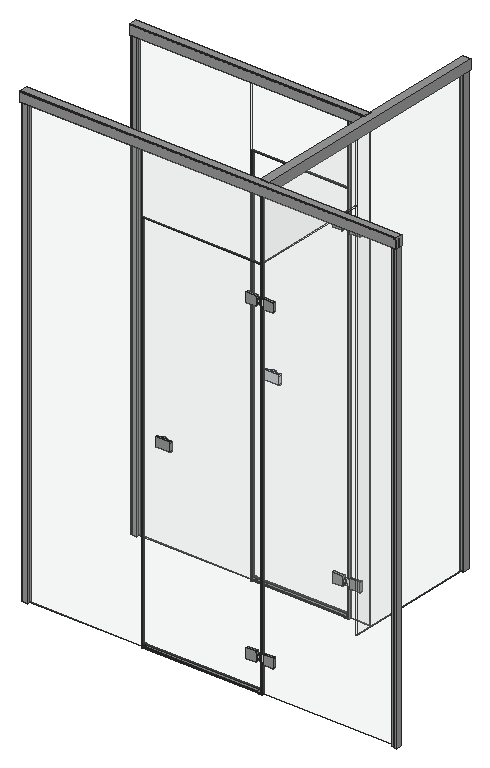
Revit family "Sanitary_Bath-screens_Modular system_Duscholux_SYSTEM210_S21-C2", category Aparatos sanitarios, Revit 2019
Family settings
  Cota de conector redondo = Diámetro de uso
  Tipo de pieza = Normal
  Número OmniClass = 23.45.00.00
  Título OmniClass = Sanitary, Laundry, and Cleaning Equipment
  Se basa en plano de trabajo = No
  Siempre vertical = Sí
  Corte con vacíos al cargar = No
  Compartido = No
  Punto de cálculo de habitación = No
Parameters (values of type "Black Aluminium Finish")
  Width Space 2 = Length perpendicular fixed segment - 100 mm  # 650 mm
  Uper profile guide = Anodized Aluminium_Duscholux Material-Black Finish
  Superior Glass Height = if(Max Doors Height < 2100 mm, 1 mm, (Max Height - 2134 mm))  # 366 mm
  Min Max Oppening door angle 2 = if(Openning door angle 2 < 0.00°, 0.00°, if(Openning door angle 2 > 90.00°, 90.00°, Openning door angle 2))  # 0.00°
  Min Max Length rigth fixed segment = if(Length right fixed segment < 180 mm, 180 mm, if(Length right fixed segment > 1400 mm, 1400 mm, Length right fixed segment))  # 750 mm
  Min Max Length left fixed segments = if(Length left fixed segments < 180 mm, 180 mm, if(Length left fixed segments > 1400 mm, 1400 mm, Length left fixed segments))  # 650 mm
  Min Max Door aperture 1 = if(Door aperture 1 < 400 mm, 400 mm, if(Door aperture 1 > 1000 mm, 1000 mm, Door aperture 1))  # 650 mm
  Min Max Length perpendicular fixed segment = if(Length perpendicular fixed segment < 180 mm, 180 mm, if(Length perpendicular fixed segment > 1400 mm, 1400 mm, Length perpendicular fixed segment))  # 750 mm
  Door apeture 2 = Min Max Door aperture 1 - 125 mm  # 525 mm
  Max Doors Height = if(Max Height > 2154 mm, 2100 mm, (Max Height - 34 mm))  # 2100 mm
  Length right fixed segment = 750 mm
  Length left fixed segments = 650 mm
  Lenght = Min Max Length left fixed segments + Min Max Door aperture 1 + Min Max Length rigth fixed segment  # 2050 mm
  Uniclass 2015 Description = "Shower Enclosures"
  Uniclass 2015 Code = "PR-40-20-06-79"
  URL = "http://www.duscholux.es/"
  UNSPSC Code = "30181507"
  Thickness Glass = 6 mm  # constant formula
  Thickness Fixed Segment = 8 mm  # constant formula
  Technical Inspection Certificate (Applus) = "http://www.duscholux.es/resources/custom/var/APPLUS_en.pdf"
  Series = "SYSTEM 210"
  Ref. = "S21_C2"
  Products = "http://www.duscholux.es/mamparas_filtro.aspx?es"
  Openning door angle 1 = 0.00°
  Openning door angle 2 = 0.00°
  Opening System Image = "https://duscholux.es/resources/custom/img/System21/S21_D.jpg"
  Opening System = "Pivot Door"
  NBS Reference Description = "Shower Enclosures"
  NBS Reference Code = "45-35-70"
  Model = ""
  Max Height = if(Height < 1900 mm, 1900 mm, if(Height > 2500 mm, 2500 mm, Height))  # 2500 mm
  Maintenance and Cleaning = "http://www.duscholux.es/mamparas_limpieza.aspx?en"
  Image = "https://duscholux.es/resources/custom/img/System21/System21%205%20NEGRO%20baja.jpg"
  IFC Classification = "Furnishing Element"
  Height = 2500 mm
  Handle Material = Anodized Aluminium_Duscholux Material-Black Finish
  Handle Height = Max Doors Height / 2  # 1050 mm
  Glass in Building UNE EN 12150 = "CE Conformity marking"
  Glass Material = Glass_Material-Duscholux
  Frame Material = Anodized Aluminium_Duscholux Material-Black Finish
  Length perpendicular fixed segment = 750 mm
  Fact Sheet = "https://duscholux.es/mamparas_system210.aspx?es"
  Fabricante = "Duscholux Ibérica, S.A."
  Environmental Management ISO 14001 = "ECOEMBES Certificate"
  Door aperture 1 = 650 mm
  Descripción = "Modular system with fixed segments + pivot doors at 180º for different types of rooms"
  Código de montaje = "C1030200"
  Configuration enclosure = "http://configuratumampara.duscholux.es/eCatalogo.aspx"
  Components = "Eropean components"
  Type Comments = ""
  Combinations = "Customizable upper guide"
  Certified Quality UNE EN 14428 = "http://www.duscholux.es/duscholux_downloads.aspx?es"
  COBIe Type Category = ""
  Accesories Material = Anodized Aluminium_Duscholux Material-Black Finish
Types (22, lengths in mm): name | Uper profile guide | Handle Material | Frame Material | Accesories Material
  (no name) | Anodized Aluminium_Duscholux Material-Black Finish | Anodized Aluminium_Duscholux Material-Black Finish | Anodized Aluminium_Duscholux Material-Black Finish | Anodized Aluminium_Duscholux Material-Black Finish
  Black Aluminium Finish | Anodized Aluminium_Duscholux Material-Black Finish | Anodized Aluminium_Duscholux Material-Black Finish | Anodized Aluminium_Duscholux Material-Black Finish | Anodized Aluminium_Duscholux Material-Black Finish
  Black Aluminium Finish Superior guide Concrete PanElle | PanElle Concrete_Duscholux Material | Anodized Aluminium_Duscholux Material-Black Finish | Anodized Aluminium_Duscholux Material-Black Finish | Anodized Aluminium_Duscholux Material-Black Finish
  Black Aluminium Finish Superior guide Basalt gray PanElle | PanElle Basalt Gray_Duscholux Material | Anodized Aluminium_Duscholux Material-Black Finish | Anodized Aluminium_Duscholux Material-Black Finish | Anodized Aluminium_Duscholux Material-Black Finish
  Black Aluminium Finish Superior guide Metal gray PanElle | PanElle Metal Gray_Duscholux Material | Anodized Aluminium_Duscholux Material-Black Finish | Anodized Aluminium_Duscholux Material-Black Finish | Anodized Aluminium_Duscholux Material-Black Finish
  Black Aluminium Finish Superior guide White PanElle | PanElle White_Duscholux Material | Anodized Aluminium_Duscholux Material-Black Finish | Anodized Aluminium_Duscholux Material-Black Finish | Anodized Aluminium_Duscholux Material-Black Finish
  Black Aluminium Finish Superior guide Quartz PanElle | PanElle Quartz_DuscholuxMaterial | Anodized Aluminium_Duscholux Material-Black Finish | Anodized Aluminium_Duscholux Material-Black Finish | Anodized Aluminium_Duscholux Material-Black Finish
  Black Aluminium Finish Superior guide Graphite PanElle | PanElle Graphite_DuscholuxMaterial | Anodized Aluminium_Duscholux Material-Black Finish | Anodized Aluminium_Duscholux Material-Black Finish | Anodized Aluminium_Duscholux Material-Black Finish
  Platinum Aluminium Finish | Anodized Aluminium_Duscholux Material-Platinum Finish | Anodized Aluminium_Duscholux Material-Platinum Finish | Anodized Aluminium_Duscholux Material-Platinum Finish | Anodized Aluminium_Duscholux Material-Platinum Finish
  Platinum Aluminium Finish Superior guide Basalt gray PanElle | PanElle Basalt Gray_Duscholux Material | Anodized Aluminium_Duscholux Material-Platinum Finish | Anodized Aluminium_Duscholux Material-Platinum Finish | Anodized Aluminium_Duscholux Material-Platinum Finish
  Platinum Aluminium Finish Superior guide Metal gray PanElle | PanElle Metal Gray_Duscholux Material | Anodized Aluminium_Duscholux Material-Platinum Finish | Anodized Aluminium_Duscholux Material-Platinum Finish | Anodized Aluminium_Duscholux Material-Platinum Finish
  Platinum Aluminium Finish Superior guide Concrete PanElle | PanElle Concrete_Duscholux Material | Anodized Aluminium_Duscholux Material-Platinum Finish | Anodized Aluminium_Duscholux Material-Platinum Finish | Anodized Aluminium_Duscholux Material-Platinum Finish
  Platinum Aluminium Finish Superior guide Graphite PanElle | PanElle Graphite_DuscholuxMaterial | Anodized Aluminium_Duscholux Material-Platinum Finish | Anodized Aluminium_Duscholux Material-Platinum Finish | Anodized Aluminium_Duscholux Material-Platinum Finish
  Platinum Aluminium Finish Superior guide Quartz PanElle | PanElle Quartz_DuscholuxMaterial | Anodized Aluminium_Duscholux Material-Platinum Finish | Anodized Aluminium_Duscholux Material-Platinum Finish | Anodized Aluminium_Duscholux Material-Platinum Finish
  Platinum Aluminium Finish Superior guide White PanElle | PanElle White_Duscholux Material | Anodized Aluminium_Duscholux Material-Platinum Finish | Anodized Aluminium_Duscholux Material-Platinum Finish | Anodized Aluminium_Duscholux Material-Platinum Finish
  Matte Silver Aluminium Finish | Anodized Aluminium_Duscholux Material-Matte Silver Finish | Anodized Aluminium_Duscholux Material-Matte Silver Finish | Anodized Aluminium_Duscholux Material-Matte Silver Finish | Anodized Aluminium_Duscholux Material-Matte Silver Finish
  Matte Silver Aluminium Finish Superior guide Basalt gray PanElle | PanElle Basalt Gray_Duscholux Material | Anodized Aluminium_Duscholux Material-Matte Silver Finish | Anodized Aluminium_Duscholux Material-Matte Silver Finish | Anodized Aluminium_Duscholux Material-Matte Silver Finish
  Matte Silver Aluminium Finish Superior guide Metal gray PanElle | PanElle Metal Gray_Duscholux Material | Anodized Aluminium_Duscholux Material-Matte Silver Finish | Anodized Aluminium_Duscholux Material-Matte Silver Finish | Anodized Aluminium_Duscholux Material-Matte Silver Finish
  Matte Silver Aluminium Finish Superior guide Concrete PanElle | PanElle Concrete_Duscholux Material | Anodized Aluminium_Duscholux Material-Matte Silver Finish | Anodized Aluminium_Duscholux Material-Matte Silver Finish | Anodized Aluminium_Duscholux Material-Matte Silver Finish
  Matte Silver Aluminium Finish Superior guide Graphite PanElle | PanElle Graphite_DuscholuxMaterial | Anodized Aluminium_Duscholux Material-Matte Silver Finish | Anodized Aluminium_Duscholux Material-Matte Silver Finish | Anodized Aluminium_Duscholux Material-Matte Silver Finish
  Matte Silver Aluminium Finish Superior guide Quartz PanElle | PanElle Quartz_DuscholuxMaterial | Anodized Aluminium_Duscholux Material-Matte Silver Finish | Anodized Aluminium_Duscholux Material-Matte Silver Finish | Anodized Aluminium_Duscholux Material-Matte Silver Finish
  Matte Silver Aluminium Finish Superior guide White PanElle | PanElle White_Duscholux Material | Anodized Aluminium_Duscholux Material-Matte Silver Finish | Anodized Aluminium_Duscholux Material-Matte Silver Finish | Anodized Aluminium_Duscholux Material-Matte Silver Finish
Reference planes
  plane 1 "Centro (Frontal/Posterior)": y = 0
  plane 2: z = 0
  plane 3 "Centro (Izquierda/Derecha)": x = 0
  plane 4 "Altura total": z = 2500
  plane 5 "Altura tiradores": z = 1050
  plane 6: x = 4
  plane 7: y = 0
  plane 8 "Espesor puertas": y = 6
  plane 9 "Espesor fijos": y = 8
  plane 10 "Eje cierre puerta 1": x = 650
  plane 11: z = 8
  plane 12 "Altura bisagra inferior": z = 180
  plane 13: x = 1300
  plane 14 "Ancho total": y = 1400
  plane 15 "Inicio guía superior": z = 2446
  plane 16 "Altura vidrios": z = 2466
  plane 17 "Altura puertas": z = 2100
  plane 18 "Altura bisagra superior": z = 1920
  plane 19: y = 3
  plane 20 "Eje inicio puerta 2": x = 1303
  plane 21: y = 650
  plane 22: y = 0
  plane 23 "Longitud total": x = 2050
  plane 24 "eje fijo+puerta 2": y = 750
  plane 25 "eje fijo+puerta 3": x = 650
  plane 26 "eje fijo+puerta 4": y = 746
  plane 27: x = 1175
Forms (mm)
  Extrusion 1, solid, material "Glass_Material-Duscholux" <- "Glass Material"
    sketch origin (0, 0, 0) x (1, 0, 0) y (0, 1, 0)
      loop
        line (6, 8) -> (6, 0) -> (650, 0) -> (650, 8) -> (6, 8)
    from 0 to 2466
  Extrusion 2, solid, material "Glass_Material-Duscholux" <- "Glass Material"
    sketch origin (650, 0, 0) x (1, 0, 0) y (0, 1, 0)
      loop
        line (5.3, 6) -> (5.3, 0) -> (650, 0) -> (650, 6) -> (5.3, 6)
    from 8 to 2100
  Extrusion 3, solid, material "Plástico, transparente"
    sketch origin (1622.583, -171.096, 0) x (-1, 0, 0) y (0, -1, 0)
      loop
        line (316.583, -179.096) -> (311.583, -179.096) -> (311.583, -180.096) -> (316.583, -180.096) -> (321.183, -180.096)
        arc (321.183, -180.096) -> (322.583, -175.096) -> (321.183, -170.096) r 9.629
        line (321.183, -170.096) -> (316.583, -170.096) -> (311.583, -170.096) -> (311.583, -171.096) -> (316.583, -171.096) -> (316.583, -179.096)
      loop
        line (317.583, -170.596) -> (317.583, -179.596) -> (320.927, -179.596)
        arc (320.927, -179.596) -> (322.083, -175.096) -> (320.927, -170.596) r 9.338
        line (320.927, -170.596) -> (317.583, -170.596)
    from 1937.5 to 2446
  Extrusion 4, solid, material "Glass_Material-Duscholux" <- "Glass Material"
    sketch origin (0, 0, 0) x (1, 0, 0) y (0, 1, 0)
      loop
        line (1306, 8) -> (1306, 0) -> (2042.364, 0) -> (2042.364, 8) -> (1306, 8)
    from 0 to 2466
  Extrusion 5, solid, material "Plástico, transparente"
    sketch origin (1622.583, -171.096, 0) x (-1, 0, 0) y (0, -1, 0)
      loop
        line (316.583, -179.096) -> (311.583, -179.096) -> (311.583, -180.096) -> (316.583, -180.096) -> (321.183, -180.096)
        arc (321.183, -180.096) -> (322.583, -175.096) -> (321.183, -170.096) r 9.629
        line (321.183, -170.096) -> (316.583, -170.096) -> (311.583, -170.096) -> (311.583, -171.096) -> (316.583, -171.096) -> (316.583, -179.096)
      loop
        line (317.583, -170.596) -> (317.583, -179.596) -> (320.927, -179.596)
        arc (320.927, -179.596) -> (322.083, -175.096) -> (320.927, -170.596) r 9.338
        line (320.927, -170.596) -> (317.583, -170.596)
    from 197.5 to 1902.5
  Extrusion 6, solid, material "Plástico, transparente"
    sketch origin (1622.583, -171.096, 0) x (-1, 0, 0) y (0, -1, 0)
      loop
        line (316.583, -179.096) -> (311.583, -179.096) -> (311.583, -180.096) -> (316.583, -180.096) -> (321.183, -180.096)
        arc (321.183, -180.096) -> (322.583, -175.096) -> (321.183, -170.096) r 9.629
        line (321.183, -170.096) -> (316.583, -170.096) -> (311.583, -170.096) -> (311.583, -171.096) -> (316.583, -171.096) -> (316.583, -179.096)
      loop
        line (317.583, -170.596) -> (317.583, -179.596) -> (320.927, -179.596)
        arc (320.927, -179.596) -> (322.083, -175.096) -> (320.927, -170.596) r 9.338
        line (320.927, -170.596) -> (317.583, -170.596)
    from 0 to 162.5
  Extrusion 7, solid, material "Anodized Aluminium_Duscholux Material-Black Finish" <- "Accesories Material"
    sketch origin (0, 0, 0) x (0, 1, 0) y (0, 0, 1)
      loop
        line (-17.849, 2500) -> (-17.849, 2498.2) -> (-15.349, 2498.2) -> (-15.349, 2447.8) -> (-17.849, 2447.8) -> (-17.849, 2446) -> (-1.881, 2446) -> (-1.881, 2488.9) -> (9.881, 2488.9) -> (9.881, 2446) -> (23.981, 2446) -> (23.981, 2500) -> (-17.849, 2500)
    from 0 to 2050
  Extrusion 8, solid, material "Anodized Aluminium_Duscholux Material-Black Finish" <- "Uper profile guide"
    sketch origin (0, 0, 0) x (0, 1, 0) y (0, 0, 1)
      loop
        line (-15.546, 2498) -> (-17.946, 2498) -> (-17.946, 2448) -> (-15.546, 2448) -> (-15.546, 2498)
    from 0 to 2050
  Extrusion 9, solid, material "Glass_Material-Duscholux" <- "Glass Material"
    sketch origin (0, 0, 0) x (1, 0, 0) y (0, 1, 0)
      loop
        line (1300, 8) -> (650, 8) -> (650, 0) -> (1300, 0) -> (1300, 8)
    from 2100 to 2466
  Extrusion 10, solid, material "Anodized Aluminium_Duscholux Material-Black Finish" <- "Frame Material"
    sketch origin (773.934, 0, 0) x (1, 0, 0) y (0, 0, 1)
      loop
        line (549.981, 2500) -> (508.151, 2500) -> (508.151, 2446) -> (524.119, 2446) -> (524.119, 2488.9) -> (535.881, 2488.9) -> (535.881, 2446) -> (549.981, 2446) -> (549.981, 2500)
    from -1400 to -23.981
  Extrusion 11, solid, material "Anodized Aluminium_Duscholux Material-Black Finish" <- "Frame Material"
    sketch origin (-77, 99.299, 0) x (1, 0, 0) y (0, 1, 0)
      loop
        line (1370, 1299.201) -> (1390, 1299.201) -> (1390, 1279.851) -> (1384.3, 1279.851) -> (1384.3, 1269.201) -> (1391.5, 1269.201) -> (1391.5, 1300.701) -> (1368.5, 1300.701) -> (1368.5, 1269.201) -> (1375.7, 1269.201) -> (1375.7, 1279.851) -> (1370, 1279.851) -> (1370, 1299.201)
    from 0 to 2446
  Extrusion 12, solid, material "Anodized Aluminium_Duscholux Material-Black Finish" <- "Frame Material"
    sketch origin (900.701, -2096, 0) x (0, 1, 0) y (-1, 0, 0)
      loop
        line (2090, 899.201) -> (2110, 899.201) -> (2110, 879.851) -> (2104.3, 879.851) -> (2104.3, 869.201) -> (2111.5, 869.201) -> (2111.5, 900.701) -> (2088.5, 900.701) -> (2088.5, 869.201) -> (2095.7, 869.201) -> (2095.7, 879.851) -> (2090, 879.851) -> (2090, 899.201)
    from 0 to 2446
  Extrusion 13, solid, material "Anodized Aluminium_Duscholux Material-Black Finish" <- "Frame Material"
    sketch origin (650, 0, 0) x (1, 0, 0) y (0, 1, 0)
      loop
        line (7.26, 6.095) -> (7.26, 7.095) -> (4.408, 7.807) -> (0.7, 7.547) -> (0, 6.593) -> (0, -0.593) -> (0.7, -1.547) -> (4.408, -1.807) -> (7.26, -1.095) -> (7.26, -0.095) -> (5.3, -0.095) -> (5.3, 3) -> (5.3, 6.095) -> (7.26, 6.095)
    from 0 to 2100
  Extrusion 14, solid, material "Glass_Material-Duscholux" <- "Glass Material"
    sketch origin (0, 0, 0) x (1, 0, 0) y (0, 1, 0)
      loop
        line (1307, 9.881) -> (1307, 650) -> (1299.03, 650) -> (1299.03, 9.881) -> (1307, 9.881)
    from 2100 to 2466
  Extrusion 15, solid, material "Glass_Material-Duscholux" <- "Glass Material"
    sketch origin (0, 0, 0) x (1, 0, 0) y (0, 1, 0)
      loop
        line (1307, 650) -> (1307, 1393.362) -> (1299.03, 1393.362) -> (1299.03, 650) -> (1307, 650)
    from 0 to 2466
  Extrusion 16, solid, material "Anodized Aluminium_Duscholux Material-Black Finish" <- "Frame Material"
    sketch origin (2899.299, -2096, 0) x (0, 1, 0) y (-1, 0, 0)
      loop
        line (2090, 850.799) -> (2090, 870.149) -> (2095.7, 870.149) -> (2095.7, 880.799) -> (2088.5, 880.799) -> (2088.5, 849.299) -> (2111.5, 849.299) -> (2111.5, 880.799) -> (2104.3, 880.799) -> (2104.3, 870.149) -> (2110, 870.149) -> (2110, 850.799) -> (2090, 850.799)
    from 0 to 2446
  Extrusion 17, solid, material "Anodized Aluminium_Duscholux Material-Black Finish" <- "Frame Material"
    sketch origin (900.701, -1080.221, 0) x (0, 1, 0) y (-1, 0, 0)
      loop
        line (1820.221, 899.201) -> (1840.221, 899.201) -> (1840.221, 879.851) -> (1834.521, 879.851) -> (1834.521, 869.201) -> (1841.721, 869.201) -> (1841.721, 900.701) -> (1818.721, 900.701) -> (1818.721, 869.201) -> (1825.921, 869.201) -> (1825.921, 879.851) -> (1820.221, 879.851) -> (1820.221, 899.201)
    from 0 to 2446
  Extrusion 18, solid, material "Anodized Aluminium_Duscholux Material-Black Finish" <- "Accesories Material"
    sketch origin (0, 1015.779, 0) x (0, 1, 0) y (0, 0, 1)
      loop
        line (-287.628, 2500) -> (-287.628, 2498.2) -> (-285.128, 2498.2) -> (-285.128, 2447.8) -> (-287.628, 2447.8) -> (-287.628, 2446) -> (-271.661, 2446) -> (-271.661, 2488.9) -> (-259.898, 2488.9) -> (-259.898, 2446) -> (-245.798, 2446) -> (-245.798, 2500) -> (-287.628, 2500)
    from 0 to 1282.085
  Extrusion 19, solid, material "Glass_Material-Duscholux" <- "Glass Material"
    sketch origin (0, 1015.779, 0) x (1, 0, 0) y (0, 1, 0)
      loop
        line (6, -261.779) -> (6, -269.779) -> (650, -269.779) -> (650, -261.779) -> (6, -261.779)
    from 0 to 2466
  Extrusion 20, solid, material "Anodized Aluminium_Duscholux Material-Black Finish" <- "Uper profile guide"
    sketch origin (0, 1075.779, 0) x (0, 1, 0) y (0, 0, 1)
      loop
        line (-345.325, 2498) -> (-347.725, 2498) -> (-347.725, 2448) -> (-345.325, 2448) -> (-345.325, 2498)
    from 0 to 1282.085
  Extrusion 21, solid, material "Anodized Aluminium_Duscholux Material-Black Finish" <- "Frame Material"
    sketch origin (1175, 746, 0) x (-1, 0, 0) y (0, -1, 0)
      loop
        line (524.3, -7.547) -> (525, -6.593) -> (525, 0.593) -> (524.3, 1.547) -> (520.592, 1.807) -> (517.74, 1.095) -> (517.74, 0.095) -> (519.7, 0.095) -> (519.7, -3) -> (519.7, -6.095) -> (517.74, -6.095) -> (517.74, -7.095) -> (520.592, -7.807) -> (524.3, -7.547)
    from 0 to 2100
  Extrusion 22, solid, material "Glass_Material-Duscholux" <- "Glass Material"
    sketch origin (1175, 746, 0) x (-1, 0, 0) y (0, -1, 0)
      loop
        line (519.7, -6) -> (519.7, 0) -> (0, 0) -> (0, -6) -> (519.7, -6)
    from 8 to 2100
  Extrusion 23, solid, material "Glass_Material-Duscholux" <- "Glass Material"
    sketch origin (0, 0, 0) x (1, 0, 0) y (0, 1, 0)
      loop
        line (650, 754) -> (650, 746) -> (1181, 746) -> (1181, 754) -> (650, 754)
    from 2100 to 2466
  Extrusion 24, solid, material "Plástico, transparente"
    sketch origin (0, 0, 0) x (1, 0, 0) y (0, 1, 0)
      loop
        line (1186, 755) -> (1181, 755) -> (1176.4, 755)
        arc (1176.4, 755) -> (1175, 750) -> (1176.4, 745) r 9.629
        line (1176.4, 745) -> (1181, 745) -> (1186, 745) -> (1186, 746) -> (1181, 746) -> (1181, 754) -> (1186, 754) -> (1186, 755)
      loop
        line (1176.656, 745.5) -> (1180, 745.5) -> (1180, 754.5) -> (1176.656, 754.5)
        arc (1176.656, 754.5) -> (1175.5, 750) -> (1176.656, 745.5) r 9.338
    from 0 to 162.5
  Extrusion 25, solid, material "Plástico, transparente"
    sketch origin (0, 0, 0) x (1, 0, 0) y (0, 1, 0)
      loop
        line (1186, 755) -> (1181, 755) -> (1176.4, 755)
        arc (1176.4, 755) -> (1175, 750) -> (1176.4, 745) r 9.629
        line (1176.4, 745) -> (1181, 745) -> (1186, 745) -> (1186, 746) -> (1181, 746) -> (1181, 754) -> (1186, 754) -> (1186, 755)
      loop
        line (1176.656, 745.5) -> (1180, 745.5) -> (1180, 754.5) -> (1176.656, 754.5)
        arc (1176.656, 754.5) -> (1175.5, 750) -> (1176.656, 745.5) r 9.338
    from 197.5 to 1902.5
  Extrusion 26, solid, material "Plástico, transparente"
    sketch origin (0, 0, 0) x (1, 0, 0) y (0, 1, 0)
      loop
        line (1186, 755) -> (1181, 755) -> (1176.4, 755)
        arc (1176.4, 755) -> (1175, 750) -> (1176.4, 745) r 9.629
        line (1176.4, 745) -> (1181, 745) -> (1186, 745) -> (1186, 746) -> (1181, 746) -> (1181, 754) -> (1186, 754) -> (1186, 755)
      loop
        line (1180, 754.5) -> (1176.656, 754.5)
        arc (1176.656, 754.5) -> (1175.5, 750) -> (1176.656, 745.5) r 9.338
        line (1176.656, 745.5) -> (1180, 745.5) -> (1180, 754.5)
    from 1937.5 to 2446
  Extrusion 27, solid, material "Glass_Material-Duscholux" <- "Glass Material"
    sketch origin (0, 0, 0) x (1, 0, 0) y (0, 1, 0)
      loop
        line (1181, 754) -> (1181, 746) -> (1299.03, 746) -> (1299.03, 754) -> (1181, 754)
    from 0 to 2466
Lines and regions (mm)
  reference lines
    curve 1: line (650, 0, 0) -> (1250, 0, 0)
    curve 2: line (650, 0, 0) -> (1300, 0, 0)
    curve 6: line (770.26, -53.508, 0) -> (770.26, 156.492, 0)
    curve 7: line (1175, 746, 0) -> (650, 746, 0)
    curve 10: line (770.34, 718.983, 0) -> (770.34, 833.983, 0)
  symbolic lines
    curve 3: line (1300, 650, 0) -> (1300, 0, 0)
    curve 4: line (1300, -650, 0) -> (1300, 0, 0)
    curve 5: arc (1300, -650, 0) -> (650, 0, 0) -> (1300, 650, 0) r 650
    curve 8: line (1175, 746, 0) -> (1175, 1271, 0)
    curve 9: arc (1175, 1271, 0) -> (803.769, 1117.231, 0) -> (650, 746, 0) r 525
Dimensions and locks
  locked: plane 3 "Centro (Izquierda/Derecha)" to plane 6 at 4
  "Handle Height": plane 5 "Altura tiradores" to level
  "Min Max Length left fixed segments": plane 3 "Centro (Izquierda/Derecha)" to plane 10 "Eje cierre puerta 1"
  locked: plane 11 to level at 8
  locked: plane 12 "Altura bisagra inferior" to level at 180
  "Max Height": plane 4 "Altura total" to level
  "Min Max Door aperture 1": curve 2 to curve 2
  "Thickness Fixed Segment": Extrusion 1 to Extrusion 1
  locked: plane 4 "Altura total" to plane 15 "Inicio guía superior" at 54
  locked: plane 16 "Altura vidrios" to plane 15 "Inicio guía superior" at 20
  "Max Doors Height": plane 17 "Altura puertas" to level
  locked: plane 17 "Altura puertas" to plane 18 "Altura bisagra superior" at 180
  "Superior Glass Height": Extrusion 9 to plane 17 "Altura puertas"
  locked: plane 13 to plane 20 "Eje inicio puerta 2" at 3
  locked: Extrusion 12 to plane 7 at 7.5
  "Min Max Door aperture 1": plane 21 to plane 7
  "Superior Glass Height": Extrusion 14 to plane 17 "Altura puertas"
  "Min Max Length perpendicular fixed segment": plane 14 "Ancho total" to plane 21
  plane 3 "Centro (Izquierda/Derecha)" to plane 23 "Longitud total" = 2050 mm
  locked: Extrusion 4 to plane 23 "Longitud total" at 7.636
  "Min Max Door aperture 1": plane 10 "Eje cierre puerta 1" to plane 13
  "Min Max Length rigth fixed segment": plane 13 to plane 23 "Longitud total"
  locked: Extrusion 10 to plane 20 "Eje inicio puerta 2" at 20.915
  locked: plane 3 "Centro (Izquierda/Derecha)" to Extrusion 19 at 6
  locked: plane 24 "eje fijo+puerta 2" to plane 26 "eje fijo+puerta 4" at 4
  "Min Max Length left fixed segments": plane 3 "Centro (Izquierda/Derecha)" to plane 25 "eje fijo+puerta 3"
  "Door apeture 2": plane 25 "eje fijo+puerta 3" to plane 27
  "Door apeture 2": curve 7 to curve 7
  plane 27 to plane 20 "Eje inicio puerta 2" = 128 mm
  "Width Space 2": plane 14 "Ancho total" to plane 24 "eje fijo+puerta 2"
  "Lenght": plane 3 "Centro (Izquierda/Derecha)" to plane 23 "Longitud total"
  locked: Extrusion 3 to plane 18 "Altura bisagra superior" at 17.5
  locked: nested 4 to Extrusion 5 at 17.5
  locked: nested 12 to Extrusion 26 at 17.5
  locked: Extrusion 25 to nested 8 at 17.5
  "Openning door angle 1": angle plane 7 to curve 2
  locked: curve 6 to curve 2 (angle 90.00°)
  "Min Max Oppening door angle 2": angle curve 7 to plane 26 "eje fijo+puerta 4"
  aligned and locked: level to plane 2
  aligned and locked: plane 10 "Eje cierre puerta 1" to curve 1
  aligned and locked: plane 7 to curve 1
  aligned and locked: plane 7 to curve 2
  aligned and locked: plane 13 to curve 2
  aligned and locked: Extrusion 6 to Extrusion 4
  aligned and locked: Extrusion 4 to nested 4
  aligned and locked: Extrusion 4 to nested 3
  aligned and locked: plane 5 "Altura tiradores" to nested 6
  aligned and locked: plane 15 "Inicio guía superior" to Extrusion 3
  aligned and locked: Extrusion 7 to Extrusion 8
  aligned and locked: Extrusion 7 to plane 3 "Centro (Izquierda/Derecha)"
  aligned and locked: plane 16 "Altura vidrios" to Extrusion 4
  aligned and locked: plane 16 "Altura vidrios" to Extrusion 1
  aligned and locked: plane 17 "Altura puertas" to Extrusion 2
  aligned and locked: nested 5 to Extrusion 2
  aligned and locked: Extrusion 9 to Extrusion 2
  aligned and locked: plane 13 to Extrusion 9
  aligned and locked: plane 14 "Ancho total" to Extrusion 10
  aligned and locked: plane 15 "Inicio guía superior" to Extrusion 11
  aligned and locked: Extrusion 12 to plane 3 "Centro (Izquierda/Derecha)"
  aligned and locked: plane 15 "Inicio guía superior" to Extrusion 12
  aligned and locked: Extrusion 13 to nested 5
  aligned and locked: plane 17 "Altura puertas" to Extrusion 13
  aligned and locked: plane 21 to Extrusion 14
  aligned and locked: Extrusion 14 to plane 17 "Altura puertas"
  aligned and locked: Extrusion 15 sketch curve to Extrusion 14
  aligned and locked: plane 16 "Altura vidrios" to Extrusion 15
  aligned and locked: Extrusion 9 to plane 10 "Eje cierre puerta 1"
  aligned and locked: curve 6 to nested 6
  aligned and locked: plane 22 to plane 1 "Centro (Frontal/Posterior)"
  aligned and locked: Extrusion 8 to Extrusion 7
  aligned and locked: plane 23 "Longitud total" to Extrusion 7
  aligned and locked: plane 15 "Inicio guía superior" to Extrusion 16
  aligned and locked: plane 10 "Eje cierre puerta 1" to Extrusion 1
  aligned and locked: Extrusion 18 to Extrusion 10
  aligned and locked: Extrusion 17 to Extrusion 10
  aligned and locked: plane 25 "eje fijo+puerta 3" to Extrusion 19
  aligned and locked: Extrusion 10 to plane 15 "Inicio guía superior"
  aligned and locked: plane 16 "Altura vidrios" to Extrusion 19
  aligned and locked: plane 26 "eje fijo+puerta 4" to curve 7
  aligned and locked: plane 27 to curve 7
  aligned and locked: Extrusion 20 to Extrusion 18
  aligned and locked: curve 7 to Extrusion 22 sketch curve
  aligned and locked: Extrusion 22 to Extrusion 21
  aligned and locked: plane 17 "Altura puertas" to Extrusion 22
  aligned and locked: plane 17 "Altura puertas" to Extrusion 21
  aligned and locked: Extrusion 23 sketch curve to Extrusion 19
  aligned and locked: plane 26 "eje fijo+puerta 4" to Extrusion 23 sketch curve
  aligned and locked: plane 12 "Altura bisagra inferior" to nested 7
  aligned and locked: nested 7 to Extrusion 22
  aligned and locked: Extrusion 25 to nested 7
  aligned and locked: Extrusion 24 to nested 7
  aligned and locked: Extrusion 24 to Extrusion 27 sketch curve
  aligned and locked: plane 26 "eje fijo+puerta 4" to Extrusion 27 sketch curve
  aligned and locked: Extrusion 27 to Extrusion 15
  aligned and locked: Extrusion 27 to Extrusion 26
  aligned and locked: plane 16 "Altura vidrios" to Extrusion 27
  aligned and locked: Extrusion 23 to Extrusion 27
  aligned and locked: Extrusion 27 to nested 8
  aligned and locked: Extrusion 27 to nested 9
  aligned and locked: Extrusion 22 to plane 11
  aligned and locked: Extrusion 21 to nested 10
  aligned and locked: Extrusion 23 to Extrusion 9
  aligned and locked: nested 11 to curve 10
  aligned and locked: plane 18 "Altura bisagra superior" to nested 12
  aligned and locked: plane 18 "Altura bisagra superior" to nested 8
  aligned and locked: plane 5 "Altura tiradores" to nested 11
  aligned and locked: plane 18 "Altura bisagra superior" to nested 4
  aligned and locked: plane 18 "Altura bisagra superior" to nested 2
  aligned and locked: plane 15 "Inicio guía superior" to Extrusion 26
  aligned and locked: Extrusion 23 to plane 17 "Altura puertas"
Automatic sketch dimensions
  curve 1 to plane 13 = 50 mm
  plane 1 "Centro (Frontal/Posterior)" to Extrusion 1 sketch curve = 0 mm
  Extrusion 1 sketch curve to plane 9 "Espesor fijos" = 0 mm
  Extrusion 1 sketch curve to plane 10 "Eje cierre puerta 1" = 0 mm
  plane 6 to Extrusion 1 sketch curve = 2 mm
  curve 2 to Extrusion 2 sketch curve = 0 mm
  Extrusion 2 sketch curve to curve 2 = 0 mm
  curve 2 to Extrusion 2 sketch curve = 6 mm
  curve 2 to Extrusion 2 sketch curve = 5.3 mm
  Extrusion 3 sketch curve to plane 9 "Espesor fijos" = 0 mm
  plane 1 "Centro (Frontal/Posterior)" to Extrusion 3 sketch curve = 0 mm
  Extrusion 3 sketch curve to plane 20 "Eje inicio puerta 2" = 8 mm
  Extrusion 3 sketch curve to Extrusion 3 sketch curve = 0 mm  (x4)
  plane 19 to Extrusion 3 sketch curve = 1 mm
  Extrusion 3 sketch curve to Extrusion 3 sketch curve = 1.162 mm
  Extrusion 3 sketch curve to Extrusion 3 sketch curve = 0.209 mm
  Extrusion 3 sketch curve to plane 20 "Eje inicio puerta 2" = 3 mm
  Extrusion 3 sketch curve to plane 1 "Centro (Frontal/Posterior)" = 0.5 mm
  Extrusion 3 sketch curve to Extrusion 3 sketch curve = 1 mm  (x2)
  Extrusion 3 sketch curve to plane 9 "Espesor fijos" = 0.5 mm
  plane 20 "Eje inicio puerta 2" to Extrusion 3 sketch curve = 1.344 mm
  Extrusion 3 sketch curve to Extrusion 3 sketch curve = 0.256 mm  (x2)
  plane 1 "Centro (Frontal/Posterior)" to Extrusion 4 sketch curve = 0 mm
  Extrusion 4 sketch curve to plane 9 "Espesor fijos" = 0 mm
  plane 20 "Eje inicio puerta 2" to Extrusion 4 sketch curve = 3 mm
  Extrusion 4 sketch curve to plane 23 "Longitud total" = 7.636 mm
  Extrusion 5 sketch curve to plane 9 "Espesor fijos" = 0 mm
  plane 1 "Centro (Frontal/Posterior)" to Extrusion 5 sketch curve = 0 mm
  Extrusion 5 sketch curve to plane 20 "Eje inicio puerta 2" = 8 mm
  Extrusion 5 sketch curve to Extrusion 5 sketch curve = 0 mm  (x4)
  plane 19 to Extrusion 5 sketch curve = 1 mm
  Extrusion 5 sketch curve to Extrusion 5 sketch curve = 1.162 mm
  Extrusion 5 sketch curve to Extrusion 5 sketch curve = 0.209 mm
  Extrusion 5 sketch curve to plane 20 "Eje inicio puerta 2" = 3 mm
  Extrusion 5 sketch curve to plane 1 "Centro (Frontal/Posterior)" = 0.5 mm
  Extrusion 5 sketch curve to Extrusion 5 sketch curve = 1 mm
  Extrusion 5 sketch curve to plane 9 "Espesor fijos" = 0.5 mm
  plane 20 "Eje inicio puerta 2" to Extrusion 5 sketch curve = 1.344 mm
  Extrusion 5 sketch curve to Extrusion 5 sketch curve = 0.256 mm  (x2)
  Extrusion 5 sketch curve to plane 1 "Centro (Frontal/Posterior)" = 1 mm
  Extrusion 6 sketch curve to plane 9 "Espesor fijos" = 0 mm
  plane 1 "Centro (Frontal/Posterior)" to Extrusion 6 sketch curve = 0 mm
  Extrusion 6 sketch curve to plane 20 "Eje inicio puerta 2" = 8 mm
  Extrusion 6 sketch curve to Extrusion 6 sketch curve = 0 mm  (x4)
  plane 19 to Extrusion 6 sketch curve = 1 mm
  Extrusion 6 sketch curve to Extrusion 6 sketch curve = 1.162 mm
  Extrusion 6 sketch curve to Extrusion 6 sketch curve = 0.209 mm
  Extrusion 6 sketch curve to plane 20 "Eje inicio puerta 2" = 3 mm
  Extrusion 6 sketch curve to plane 1 "Centro (Frontal/Posterior)" = 0.5 mm
  Extrusion 6 sketch curve to Extrusion 6 sketch curve = 1 mm  (x2)
  Extrusion 6 sketch curve to plane 9 "Espesor fijos" = 0.5 mm
  plane 20 "Eje inicio puerta 2" to Extrusion 6 sketch curve = 1.344 mm
  Extrusion 6 sketch curve to Extrusion 6 sketch curve = 0.256 mm  (x2)
  Extrusion 7 sketch curve to plane 4 "Altura total" = 0 mm
  Extrusion 7 sketch curve to plane 15 "Inicio guía superior" = 0 mm  (x2)
  plane 1 "Centro (Frontal/Posterior)" to Extrusion 7 sketch curve = 17.849 mm  (x2)
  plane 15 "Inicio guía superior" to Extrusion 7 sketch curve = 1.8 mm
  Extrusion 7 sketch curve to Extrusion 7 sketch curve = 2.5 mm
  plane 1 "Centro (Frontal/Posterior)" to Extrusion 7 sketch curve = 1.881 mm
  plane 9 "Espesor fijos" to Extrusion 7 sketch curve = 1.881 mm
  plane 9 "Espesor fijos" to Extrusion 7 sketch curve = 15.981 mm
  Extrusion 7 sketch curve to plane 4 "Altura total" = 11.1 mm
  Extrusion 7 sketch curve to plane 4 "Altura total" = 1.8 mm
  Extrusion 8 sketch curve to plane 4 "Altura total" = 2 mm
  plane 1 "Centro (Frontal/Posterior)" to Extrusion 8 sketch curve = 17.946 mm
  Extrusion 8 sketch curve to Extrusion 8 sketch curve = 2.4 mm
  plane 15 "Inicio guía superior" to Extrusion 8 sketch curve = 2 mm
  curve 2 to curve 6 = 120.26 mm
  curve 2 to curve 6 = 53.508 mm
  Extrusion 9 sketch curve to plane 9 "Espesor fijos" = 0 mm
  Extrusion 9 sketch curve to plane 10 "Eje cierre puerta 1" = 0 mm
  plane 1 "Centro (Frontal/Posterior)" to Extrusion 9 sketch curve = 0 mm
  Extrusion 9 sketch curve to plane 13 = 0 mm
  Extrusion 10 sketch curve to plane 4 "Altura total" = 0 mm
  Extrusion 10 sketch curve to plane 15 "Inicio guía superior" = 0 mm  (x2)
  Extrusion 10 sketch curve to plane 13 = 17.915 mm
  Extrusion 10 sketch curve to plane 13 = 1.948 mm
  plane 20 "Eje inicio puerta 2" to Extrusion 10 sketch curve = 6.815 mm
  Extrusion 10 sketch curve to Extrusion 10 sketch curve = 14.1 mm
  Extrusion 10 sketch curve to plane 4 "Altura total" = 11.1 mm
  Extrusion 11 sketch curve to plane 14 "Ancho total" = 0 mm
  Extrusion 11 sketch curve to plane 13 = 8.5 mm
  Extrusion 11 sketch curve to Extrusion 11 sketch curve = 1.5 mm  (x2)
  Extrusion 11 sketch curve to plane 13 = 1.3 mm
  plane 20 "Eje inicio puerta 2" to Extrusion 11 sketch curve = 4.3 mm
  Extrusion 11 sketch curve to Extrusion 11 sketch curve = 5.7 mm
  Extrusion 11 sketch curve to plane 14 "Ancho total" = 1.5 mm
  Extrusion 11 sketch curve to Extrusion 11 sketch curve = 19.35 mm
  Extrusion 11 sketch curve to Extrusion 11 sketch curve = 0 mm  (x2)
  Extrusion 11 sketch curve to Extrusion 11 sketch curve = 10.65 mm
  Extrusion 12 sketch curve to plane 3 "Centro (Izquierda/Derecha)" = 0 mm
  plane 1 "Centro (Frontal/Posterior)" to Extrusion 12 sketch curve = 7.5 mm
  Extrusion 12 sketch curve to Extrusion 12 sketch curve = 1.5 mm  (x2)
  plane 1 "Centro (Frontal/Posterior)" to Extrusion 12 sketch curve = 0.3 mm
  plane 9 "Espesor fijos" to Extrusion 12 sketch curve = 0.3 mm
  Extrusion 12 sketch curve to Extrusion 12 sketch curve = 5.7 mm
  plane 3 "Centro (Izquierda/Derecha)" to Extrusion 12 sketch curve = 1.5 mm
  plane 6 to Extrusion 12 sketch curve = 16.85 mm
  Extrusion 12 sketch curve to Extrusion 12 sketch curve = 0 mm  (x2)
  Extrusion 12 sketch curve to Extrusion 12 sketch curve = 10.65 mm
  Extrusion 13 sketch curve to curve 2 = 0 mm
  Extrusion 13 sketch curve to curve 2 = 0.593 mm
  curve 2 to Extrusion 13 sketch curve = 6.593 mm
  curve 2 to Extrusion 13 sketch curve = 0.7 mm  (x2)
  Extrusion 13 sketch curve to Extrusion 13 sketch curve = 3.708 mm  (x2)
  curve 2 to Extrusion 13 sketch curve = 1.807 mm
  Extrusion 13 sketch curve to Extrusion 13 sketch curve = 0.892 mm
  curve 2 to Extrusion 13 sketch curve = 1.095 mm
  Extrusion 13 sketch curve to Extrusion 13 sketch curve = 1.96 mm  (x2)
  Extrusion 13 sketch curve to curve 2 = 1.547 mm
  curve 2 to Extrusion 13 sketch curve = 0.095 mm
  Extrusion 13 sketch curve to curve 2 = 3 mm
  Extrusion 13 sketch curve to Extrusion 13 sketch curve = 3.095 mm
  Extrusion 13 sketch curve to Extrusion 13 sketch curve = 1 mm
  curve 2 to Extrusion 13 sketch curve = 7.547 mm
  Extrusion 13 sketch curve to Extrusion 13 sketch curve = 1.712 mm
  Extrusion 14 sketch curve to plane 21 = 0 mm
  Extrusion 14 sketch curve to plane 13 = 0.97 mm
  plane 20 "Eje inicio puerta 2" to Extrusion 14 sketch curve = 4 mm
  plane 9 "Espesor fijos" to Extrusion 14 sketch curve = 1.881 mm
  Extrusion 15 sketch curve to plane 21 = 0 mm
  Extrusion 15 sketch curve to plane 13 = 0.97 mm
  Extrusion 15 sketch curve to plane 14 "Ancho total" = 6.638 mm
  Extrusion 16 sketch curve to plane 23 "Longitud total" = 0 mm
  Extrusion 16 sketch curve to plane 1 "Centro (Frontal/Posterior)" = 7.5 mm
  Extrusion 16 sketch curve to Extrusion 16 sketch curve = 1.5 mm  (x2)
  Extrusion 16 sketch curve to plane 1 "Centro (Frontal/Posterior)" = 0.3 mm
  Extrusion 16 sketch curve to plane 9 "Espesor fijos" = 0.3 mm
  Extrusion 16 sketch curve to Extrusion 16 sketch curve = 5.7 mm
  plane 23 "Longitud total" to Extrusion 16 sketch curve = 1.5 mm
  Extrusion 16 sketch curve to Extrusion 16 sketch curve = 19.35 mm
  Extrusion 16 sketch curve to Extrusion 16 sketch curve = 0 mm  (x2)
  Extrusion 16 sketch curve to Extrusion 16 sketch curve = 10.65 mm
  Extrusion 17 sketch curve to plane 3 "Centro (Izquierda/Derecha)" = 0 mm
  Extrusion 17 sketch curve to plane 26 "eje fijo+puerta 4" = 7.5 mm
  Extrusion 17 sketch curve to Extrusion 17 sketch curve = 1.5 mm  (x2)
  Extrusion 17 sketch curve to plane 26 "eje fijo+puerta 4" = 0.3 mm
  plane 24 "eje fijo+puerta 2" to Extrusion 17 sketch curve = 4.3 mm
  Extrusion 17 sketch curve to Extrusion 17 sketch curve = 5.7 mm
  plane 3 "Centro (Izquierda/Derecha)" to Extrusion 17 sketch curve = 1.5 mm
  plane 6 to Extrusion 17 sketch curve = 16.85 mm
  Extrusion 17 sketch curve to Extrusion 17 sketch curve = 0 mm  (x2)
  Extrusion 17 sketch curve to Extrusion 17 sketch curve = 10.65 mm
  Extrusion 18 sketch curve to plane 4 "Altura total" = 0 mm
  Extrusion 18 sketch curve to plane 15 "Inicio guía superior" = 0 mm  (x2)
  Extrusion 18 sketch curve to plane 26 "eje fijo+puerta 4" = 17.849 mm  (x2)
  plane 15 "Inicio guía superior" to Extrusion 18 sketch curve = 1.8 mm
  Extrusion 18 sketch curve to Extrusion 18 sketch curve = 2.5 mm
  Extrusion 18 sketch curve to plane 26 "eje fijo+puerta 4" = 1.881 mm
  plane 24 "eje fijo+puerta 2" to Extrusion 18 sketch curve = 5.881 mm
  Extrusion 18 sketch curve to Extrusion 18 sketch curve = 14.1 mm
  Extrusion 18 sketch curve to plane 4 "Altura total" = 11.1 mm
  Extrusion 18 sketch curve to plane 4 "Altura total" = 1.8 mm
  Extrusion 19 sketch curve to plane 26 "eje fijo+puerta 4" = 0 mm
  Extrusion 19 sketch curve to plane 25 "eje fijo+puerta 3" = 0 mm
  plane 6 to Extrusion 19 sketch curve = 2 mm
  plane 24 "eje fijo+puerta 2" to Extrusion 19 sketch curve = 4 mm
  Extrusion 20 sketch curve to plane 4 "Altura total" = 2 mm
  Extrusion 20 sketch curve to plane 26 "eje fijo+puerta 4" = 17.946 mm
  Extrusion 20 sketch curve to Extrusion 20 sketch curve = 2.4 mm
  plane 15 "Inicio guía superior" to Extrusion 20 sketch curve = 2 mm
  Extrusion 21 sketch curve to curve 7 = 0 mm
  Extrusion 21 sketch curve to curve 7 = 6.593 mm
  curve 7 to Extrusion 21 sketch curve = 0.593 mm
  Extrusion 21 sketch curve to curve 7 = 0.7 mm  (x2)
  Extrusion 21 sketch curve to curve 7 = 1.807 mm
  Extrusion 21 sketch curve to Extrusion 21 sketch curve = 3.708 mm  (x2)
  Extrusion 21 sketch curve to Extrusion 21 sketch curve = 0.892 mm
  Extrusion 21 sketch curve to curve 7 = 0.095 mm
  Extrusion 21 sketch curve to Extrusion 21 sketch curve = 1.96 mm  (x2)
  curve 7 to Extrusion 21 sketch curve = 7.095 mm
  Extrusion 21 sketch curve to curve 7 = 7.547 mm
  Extrusion 21 sketch curve to Extrusion 21 sketch curve = 0.712 mm
  Extrusion 21 sketch curve to Extrusion 21 sketch curve = 1 mm  (x2)
  curve 7 to Extrusion 21 sketch curve = 3 mm
  curve 7 to Extrusion 21 sketch curve = 1.547 mm
  Extrusion 22 sketch curve to curve 7 = 0 mm
  Extrusion 22 sketch curve to curve 7 = 6 mm
  Extrusion 22 sketch curve to curve 7 = 5.3 mm
  Extrusion 23 sketch curve to plane 25 "eje fijo+puerta 3" = 0 mm
  Extrusion 23 sketch curve to plane 27 = 6 mm
  Extrusion 24 sketch curve to plane 27 = 11 mm
  Extrusion 24 sketch curve to Extrusion 24 sketch curve = 5 mm  (x2)
  Extrusion 24 sketch curve to Extrusion 24 sketch curve = 1 mm  (x3)
  Extrusion 24 sketch curve to Extrusion 24 sketch curve = 0 mm  (x2)
  Extrusion 24 sketch curve to plane 26 "eje fijo+puerta 4" = 0 mm
  Extrusion 24 sketch curve to plane 24 "eje fijo+puerta 2" = 0 mm  (x2)
  Extrusion 24 sketch curve to Extrusion 24 sketch curve = 1.371 mm
  Extrusion 24 sketch curve to plane 27 = 1.4 mm
  Extrusion 24 sketch curve to Extrusion 24 sketch curve = 0.256 mm  (x2)
  Extrusion 24 sketch curve to Extrusion 24 sketch curve = 0.209 mm
  Extrusion 24 sketch curve to plane 26 "eje fijo+puerta 4" = 0.5 mm
  Extrusion 24 sketch curve to Extrusion 24 sketch curve = 0.5 mm
  Extrusion 25 sketch curve to plane 27 = 6 mm
  plane 24 "eje fijo+puerta 2" to Extrusion 25 sketch curve = 5 mm
  Extrusion 25 sketch curve to plane 27 = 1.4 mm
  Extrusion 25 sketch curve to Extrusion 25 sketch curve = 5 mm
  Extrusion 25 sketch curve to plane 24 "eje fijo+puerta 2" = 0 mm  (x2)
  Extrusion 25 sketch curve to Extrusion 25 sketch curve = 1.371 mm
  Extrusion 25 sketch curve to Extrusion 25 sketch curve = 0.256 mm
  Extrusion 25 sketch curve to Extrusion 25 sketch curve = 0.209 mm
  Extrusion 25 sketch curve to Extrusion 25 sketch curve = 0.5 mm
  Extrusion 25 sketch curve to Extrusion 25 sketch curve = 1 mm  (x3)
  Extrusion 25 sketch curve to plane 26 "eje fijo+puerta 4" = 0.5 mm
  Extrusion 25 sketch curve to plane 26 "eje fijo+puerta 4" = 0 mm
  Extrusion 25 sketch curve to Extrusion 25 sketch curve = 0 mm  (x2)
  Extrusion 25 sketch curve to Extrusion 25 sketch curve = 1.162 mm
  Extrusion 26 sketch curve to plane 27 = 11 mm
  Extrusion 26 sketch curve to Extrusion 26 sketch curve = 5 mm
  Extrusion 26 sketch curve to Extrusion 26 sketch curve = 1 mm  (x3)
  Extrusion 26 sketch curve to Extrusion 26 sketch curve = 0 mm  (x2)
  Extrusion 26 sketch curve to plane 26 "eje fijo+puerta 4" = 0 mm
  Extrusion 26 sketch curve to Extrusion 26 sketch curve = 0.5 mm
  Extrusion 26 sketch curve to plane 27 = 1.656 mm
  Extrusion 26 sketch curve to plane 26 "eje fijo+puerta 4" = 0.5 mm
  Extrusion 26 sketch curve to plane 24 "eje fijo+puerta 2" = 0 mm  (x2)
  Extrusion 26 sketch curve to Extrusion 26 sketch curve = 1.162 mm  (x2)
  Extrusion 26 sketch curve to Extrusion 26 sketch curve = 0.256 mm  (x2)
  Extrusion 26 sketch curve to Extrusion 26 sketch curve = 0.209 mm
  Extrusion 27 sketch curve to plane 13 = 0.97 mm
  Extrusion 27 sketch curve to plane 27 = 6 mm
  curve 9 to plane 10 "Eje cierre puerta 1" = 0 mm
  plane 1 "Centro (Frontal/Posterior)" to curve 5 = 0 mm
  curve 10 to curve 7 = 120.34 mm
  curve 7 to curve 10 = 87.983 mm
  curve 10 to curve 7 = 27.017 mm
  curve 9 to plane 27 = 0 mm
  plane 1 "Centro (Frontal/Posterior)" to curve 3 = 0 mm
  curve 3 to plane 13 = 0 mm
  curve 9 to plane 26 "eje fijo+puerta 4" = 0 mm
  curve 8 to plane 26 "eje fijo+puerta 4" = 0 mm
  curve 3 to plane 21 = 0 mm
Nested families
  nested 1: "Hinge (Door)" at (1300, 0, 180) x (-1, 0, 0) z (0, -1, 0), type "Hinge (Door)", detail levels medium+fine
  nested 2: "Hinge (Door)" at (1300, 0, 1920) x (-1, 0, 0) z (0, -1, 0), type "Hinge (Door)", detail levels medium+fine
  nested 3: "Hinge (Fixed segment)" at (1302, 0, 180) x (-1, 0, 0) z (0, -1, 0), type "Hinge (Fixed segment)", detail levels medium+fine
  nested 4: "Hinge (Fixed segment)" at (1302, 0, 1920) x (-1, 0, 0) z (0, -1, 0), type "Hinge (Fixed segment)", detail levels medium+fine
  nested 5: "Lower- Guide" at (657.26, 2.717, 8), type "Lower-Guide", detail levels fine
    with built-in parameter 1001306 2.1087 (stored number, unit not read)
  nested 6: "Handle-D4" at (770.26, 0, 1050) x (-1, 0, 0) z (0, -1, 0), Handle Material <- "Handle Material", type "Handle-D4", detail levels fine
    with Handle Material Anodized Aluminium_Duscholux Material-Black Finish
  nested 7: "Hinge (Door)" at (1175, 746, 180) x (-1, 0, 0) z (0, -1, 0), type "Hinge (Door)", detail levels medium+fine
  nested 8: "Hinge (Fixed segment)" at (1177, 746, 1920) x (-1, 0, 0) z (0, -1, 0), type "Hinge (Fixed segment)", detail levels medium+fine
  nested 9: "Hinge (Fixed segment)" at (1177, 746, 180) x (-1, 0, 0) z (0, -1, 0), type "Hinge (Fixed segment)", detail levels medium+fine
  nested 10: "Lower- Guide" at (1175, 749, 8) x (-1, 0, 0) z (0, 0, 1), type "Lower-Guide", detail levels fine
    with built-in parameter 1001306 1.6986 (stored number, unit not read)
  nested 11: "Handle-D4" at (770.34, 746, 1050) x (-1, 0, 0) z (0, -1, 0), type "Handle-D4", detail levels fine
    with Handle Material none
  nested 12: "Hinge (Door)" at (1175, 746, 1920) x (-1, 0, 0) z (0, -1, 0), type "Hinge (Door)", detail levels medium+fine
Definition of nested family "Hinge (Door)"
  Parameters (values of type "Hinge (Door)")
    Handle Material = none
    Default Elevation = 1219.2 mm
  Reference planes
    plane 1 "Centro (Frontal/Posterior)": y = 0
    plane 2: z = 0
    plane 3 "Centro (Izquierda/Derecha)": x = 0
    plane 4: y = 17.5
    plane 5: y = -17.5
    plane 6: x = 43.993
    plane 7: x = 71.743
    plane 8: x = 16.243
    plane 9: z = 11
    plane 10: y = 26
    plane 11: y = -26
    plane 12: z = 4
  Forms (mm)
    Extrusion 1, solid
      sketch origin (0, 0, 0) x (1, 0, 0) y (0, 1, 0)
        loop
          line (-1219.2, 1219.2) -> (-1219.2, -1219.2) -> (1219.2, -1219.2) -> (1219.2, 1219.2) -> (-1219.2, 1219.2)
      from 0 to -304.8
    Extrusion 2, void
      sketch origin (0, 0, 0) x (1, 0, 0) y (0, 0, 1)
        loop
          arc (0, 0) -> (1.172, 2.828) -> (4, 4) r 4
          line (4, 4) -> (0, 4) -> (0, 0)
      from 9.5 to 17.5
    Extrusion 3, void
      sketch origin (0, 0, 0) x (1, 0, 0) y (0, 0, 1)
        loop
          arc (0, 0) -> (1.172, 2.828) -> (4, 4) r 4
          line (4, 4) -> (0, 4) -> (0, 0)
      from -17.5 to -9.5
    Extrusion 4, solid, material <- "Handle Material"
      sketch origin (0, 0, 0) x (1, 0, 0) y (0, 1, 0)
        loop
          arc (71.743, 22.7) -> (70.777, 25.033) -> (68.443, 26) r 3.3
          line (68.443, 26) -> (19.543, 26)
          arc (19.543, 26) -> (17.21, 25.033) -> (16.243, 22.7) r 3.3
          line (16.243, 22.7) -> (16.243, -22.7)
          arc (16.243, -22.7) -> (17.21, -25.033) -> (19.543, -26) r 3.3
          line (19.543, -26) -> (68.443, -26)
          arc (68.443, -26) -> (70.777, -25.033) -> (71.743, -22.7) r 3.3
          line (71.743, -22.7) -> (71.743, 22.7)
      from 0 to 11
    Extrusion 5, solid
      sketch origin (0, 0, 0) x (1, 0, 0) y (0, 1, 0)
        loop
          line (0, 17.5) -> (0, 9.5) -> (13.5, 9.5) -> (13.5, -9.5) -> (0, -9.5) -> (0, -17.5) -> (16.243, -17.5) -> (16.243, 17.5) -> (0, 17.5)
      from 0 to 4
  Cuts and joins
    Extrusion 2, Extrusion 3 cuts Extrusion 5
  Dimensions and locks
    locked: plane 9 to plane 2 at 11
    aligned and locked: plane 2 to Extrusion 1
    aligned and locked: level to Extrusion 1
    aligned and locked: plane 4 to Extrusion 3
    aligned and locked: plane 9 to Extrusion 4
    aligned and locked: Extrusion 4 to plane 2
    aligned and locked: plane 12 to Extrusion 5
    aligned and locked: Extrusion 5 to plane 2
Definition of nested family "Hinge (Fixed segment)"
  Parameters (values of type "Hinge (Fixed segment)")
    Handle Material = none
    Default Elevation = 1219.2 mm
  Reference planes
    plane 1 "Centro (Frontal/Posterior)": y = 0
    plane 2: z = 0
    plane 3 "Centro (Izquierda/Derecha)": x = 0
    plane 4: y = 17.5
    plane 5: y = -17.5
    plane 6: x = 43.993
    plane 7: x = -48.793
    plane 8: x = -76.543
    plane 9: x = -21.043
    plane 10: y = 26
    plane 11: y = -26
    plane 12: x = -73.243
    plane 13: x = -24.343
    plane 14: y = 22.7
    plane 15: y = -22.7
    plane 16: z = 11
  Forms (mm)
    Extrusion 1, solid
      sketch origin (0, 0, 0) x (1, 0, 0) y (0, 1, 0)
        loop
          line (-1219.2, 1219.2) -> (-1219.2, -1219.2) -> (1219.2, -1219.2) -> (1219.2, 1219.2) -> (-1219.2, 1219.2)
      from 0 to -304.8
    Extrusion 2, solid
      sketch origin (0, 0, 0) x (1, 0, 0) y (0, 1, 0)
        loop
          line (0, -9.5) -> (0, 9.5) -> (-4, 9.5) -> (-4, -9.5) -> (0, -9.5)
      from 0 to 4
    Extrusion 3, solid
      sketch origin (0, 0, 0) x (1, 0, 0) y (0, 0, 1)
        loop
          line (0, 4) -> (0, 0) -> (8, 0)
          arc (8, 0) -> (6.828, 2.828) -> (4, 4) r 4
          line (4, 4) -> (0, 4)
      from -9.5 to 9.5
    Extrusion 4, solid, material <- "Handle Material"
      sketch origin (0, 0, 0) x (1, 0, 0) y (0, 1, 0)
        loop
          arc (-73.243, 26) -> (-75.577, 25.033) -> (-76.543, 22.7) r 3.3
          line (-76.543, 22.7) -> (-76.543, -22.7)
          arc (-76.543, -22.7) -> (-75.577, -25.033) -> (-73.243, -26) r 3.3
          line (-73.243, -26) -> (-24.343, -26)
          arc (-24.343, -26) -> (-22.01, -25.033) -> (-21.043, -22.7) r 3.3
          line (-21.043, -22.7) -> (-21.043, 22.7)
          arc (-21.043, 22.7) -> (-22.01, 25.033) -> (-24.343, 26) r 3.3
          line (-24.343, 26) -> (-73.243, 26)
      from 0 to 11
    Extrusion 5, solid
      sketch origin (0, 0, 0) x (1, 0, 0) y (0, 1, 0)
        loop
          line (-21.043, 17.5) -> (-21.043, -17.5) -> (-4, -17.5) -> (-4, 17.5) -> (-21.043, 17.5)
      from 0 to 4
  Cuts and joins
    joined: Extrusion 2, Extrusion 3, Extrusion 5
  Dimensions and locks
    aligned and locked: plane 2 to Extrusion 1
    aligned and locked: level to Extrusion 1
    aligned and locked: Extrusion 3 to cut or joined group of Extrusion 2, Extrusion 3, Extrusion 5
    aligned and locked: cut or joined group of Extrusion 2, Extrusion 3, Extrusion 5 to Extrusion 3
    aligned and locked: plane 16 to Extrusion 4
    aligned and locked: Extrusion 4 to plane 2
    aligned and locked: cut or joined group of Extrusion 2, Extrusion 3, Extrusion 5 to Extrusion 5
    aligned and locked: plane 2 to Extrusion 5
Definition of nested family "Lower- Guide"
  Parameters (values of type "Lower-Guide")
    built-in parameter 1001306 [instance] = 800 mm
  Reference planes
    plane 1 "Centro (Frontal/Posterior)": y = 0
    plane 2: z = 0
    plane 3 "Izquierda": x = 0
    plane 4 "Derecha": x = 800
    plane 5: z = 0
  Forms (mm)
    Extrusion 1, solid
      sketch origin (0, 0, 0) x (0, 1, 0) y (0, 0, 1)
        loop
          line (-4.2, 0) -> (-3, 12) -> (-4.5, 12) -> (-5.692, 0.15)
          arc (-5.692, 0.15) -> (-5.345, -0.968) -> (-4.3, -1.497) r 1.5
          line (-4.3, -1.497) -> (-4.3, -5.874)
          arc (-4.3, -5.874) -> (-3.9, -6.274) -> (-3.5, -5.874) r 0.4
          line (-3.5, -5.874) -> (-3.5, -1.5) -> (3.5, -1.5) -> (3.5, -7.653)
          arc (3.5, -7.653) -> (3.9, -8.053) -> (4.3, -7.653) r 0.4
          line (4.3, -7.653) -> (4.3, -1.508) -> (5.754, -1.508) -> (11.976, -3.947)
          arc (11.976, -3.947) -> (12.62, -3.771) -> (12.515, -3.111) r 0.5
          line (12.515, -3.111) -> (9.056, -1.58)
          arc (9.056, -1.58) -> (6.398, 0.585) -> (5.211, 3.802) r 6.5
          line (5.211, 3.802) -> (4.5, 12) -> (3, 12) -> (4.2, 0) -> (-4.2, 0)
      from 0 to 800
  Lines and regions (mm)
    reference lines
      curve 1: line (0, 0, 0) -> (800, 0, 0)
  Dimensions and locks
    "built-in parameter 1001306": plane 3 "Izquierda" to plane 4 "Derecha"
    aligned and locked: plane 4 "Derecha" to curve 1
    aligned and locked: plane 1 "Centro (Frontal/Posterior)" to curve 1
    aligned and locked: plane 3 "Izquierda" to curve 1
    aligned and locked: level to plane 2
    aligned and locked: plane 4 "Derecha" to Extrusion 1
  Automatic sketch dimensions
    Extrusion 1 sketch curve to level = 0 mm  (x2)
    Extrusion 1 sketch curve to Extrusion 1 sketch curve = 0.4 mm  (x3)
    Extrusion 1 sketch curve to Extrusion 1 sketch curve = 0 mm  (x2)
    Extrusion 1 sketch curve to Extrusion 1 sketch curve = 1.5 mm  (x2)
    Extrusion 1 sketch curve to Extrusion 1 sketch curve = 1.454 mm
    Extrusion 1 sketch curve to level = 1.58 mm
    Extrusion 1 sketch curve to Extrusion 1 sketch curve = 3.301 mm
    level to Extrusion 1 sketch curve = 4.364 mm
    Extrusion 1 sketch curve to Extrusion 1 sketch curve = 2.632 mm
    Extrusion 1 sketch curve to level = 3.947 mm
    Extrusion 1 sketch curve to Extrusion 1 sketch curve = 2.921 mm
    Extrusion 1 sketch curve to Extrusion 1 sketch curve = 0.224 mm
    Extrusion 1 sketch curve to level = 3.111 mm
    Extrusion 1 sketch curve to Extrusion 1 sketch curve = 0.315 mm
    Extrusion 1 sketch curve to level = 5.874 mm
    Extrusion 1 sketch curve to Extrusion 1 sketch curve = 1.778 mm
    Extrusion 1 sketch curve to level = 1.508 mm
    Extrusion 1 sketch curve to level = 1.5 mm
    Extrusion 1 sketch curve to Extrusion 1 sketch curve = 0.003 mm
    level to Extrusion 1 sketch curve = 12 mm
    level to Extrusion 1 sketch curve = 0.15 mm
    plane 1 "Centro (Frontal/Posterior)" to Extrusion 1 sketch curve = 3 mm
    plane 1 "Centro (Frontal/Posterior)" to Extrusion 1 sketch curve = 3.5 mm
    Extrusion 1 sketch curve to Extrusion 1 sketch curve = 0.1 mm  (x2)
    Extrusion 1 sketch curve to plane 1 "Centro (Frontal/Posterior)" = 3 mm
    Extrusion 1 sketch curve to plane 1 "Centro (Frontal/Posterior)" = 3.5 mm
    Extrusion 1 sketch curve to Extrusion 1 sketch curve = 0.799 mm
    level to Extrusion 1 sketch curve = 3.802 mm
Definition of nested family "Handle-D4"
  Parameters (values of type "Handle-D4")
    Handle Visibility = yes
    Handle Material [instance] = none
    Default Elevation = 1219.2 mm
  Reference planes
    plane 1 "Centro (Frontal/Posterior)": y = 0
    plane 2: z = 0
    plane 3 "Centro (Izquierda/Derecha)": x = 0
    plane 4: z = 17
    plane 5: x = 26.33
    plane 6: x = -56.3
    plane 7: y = 25.94
    plane 8: y = -26.74
    plane 9: y = 18.94
    plane 10: x = 19.33
    plane 11: x = -49.3
    plane 12: y = -19.74
    plane 13: z = 27.017
  Forms (mm)
    Extrusion 1, solid
      sketch origin (0, 0, 0) x (1, 0, 0) y (0, 1, 0)
        loop
          line (-1219.2, 1219.2) -> (-1219.2, -1219.2) -> (1219.2, -1219.2) -> (1219.2, 1219.2) -> (-1219.2, 1219.2)
      from 0 to -304.8
    Blend 2, solid, material <- "Handle Material", visible <- "Handle Visibility"
      base sketch origin (0, 0, 0) x (1, 0, 0) y (0, 1, 0)
        loop
          circle (0, 0) r 22.026
      top sketch origin (0, 0, 0) x (1, 0, 0) y (0, 1, 0)
        loop
          circle (0, 0) r 23.473
      from 0 to 17
    Blend 3, solid, material <- "Handle Material", visible <- "Handle Visibility"
      base sketch origin (0, 0, 0) x (1, 0, 0) y (0, 1, 0)
        loop
          arc (-49.3, 25.94) -> (-54.25, 23.89) -> (-56.3, 18.94) r 7
          line (-56.3, 18.94) -> (-56.3, -19.74)
          arc (-56.3, -19.74) -> (-54.25, -24.69) -> (-49.3, -26.74) r 7
          line (-49.3, -26.74) -> (19.325, -26.74)
          arc (19.325, -26.74) -> (24.275, -24.69) -> (26.325, -19.74) r 7
          line (26.325, -19.74) -> (26.325, 18.94)
          arc (26.325, 18.94) -> (24.275, 23.89) -> (19.325, 25.94) r 7
          line (19.325, 25.94) -> (-49.3, 25.94)
      top sketch origin (0, 0, 0) x (1, 0, 0) y (0, 1, 0)
        loop
          line (19.325, 23.84) -> (-49.3, 23.84)
          arc (-49.3, 23.84) -> (-52.765, 22.405) -> (-54.2, 18.94) r 4.9
          line (-54.2, 18.94) -> (-54.2, -19.74)
          arc (-54.2, -19.74) -> (-52.765, -23.205) -> (-49.3, -24.64) r 4.9
          line (-49.3, -24.64) -> (19.325, -24.64)
          arc (19.325, -24.64) -> (22.79, -23.205) -> (24.225, -19.74) r 4.9
          line (24.225, -19.74) -> (24.225, 18.94)
          arc (24.225, 18.94) -> (22.79, 22.405) -> (19.325, 23.84) r 4.9
      from 17 to 27.017
  Cuts and joins
    joined: Blend 2, Blend 3
  Dimensions and locks
    aligned and locked: plane 2 to Extrusion 1
    aligned and locked: level to Extrusion 1
    aligned and locked: plane 4 to Blend 2
    aligned and locked: Blend 3 to plane 4
    aligned and locked: plane 13 to Blend 3
